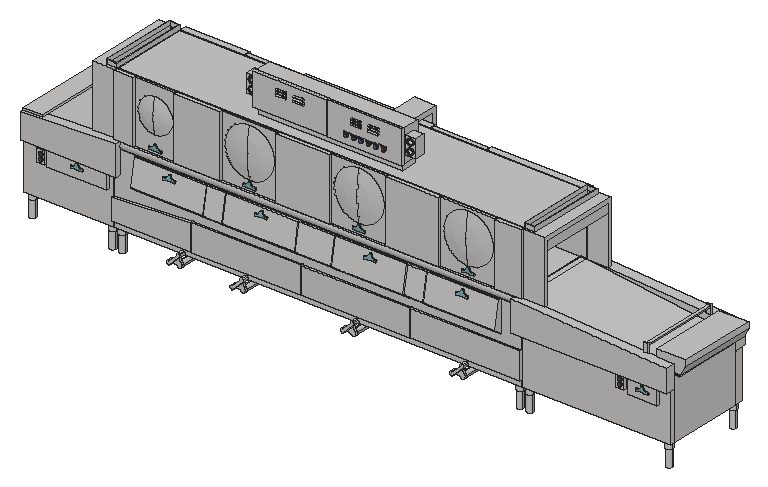
Revit family (continued)
Lines and regions (in)
  symbolic lines
    curve 98: line (191.22138, -6, 65.5) -> (191.22138, -37.25, 65.5)
    curve 99: line (202.72138, -6, 65.5) -> (151.72138, -6, 65.5)
    curve 104: line (205.22138, -6, 65.5) -> (205.22138, -37.25, 65.5)
    curve 105: line (202.72138, -6, 65.5) -> (205.22138, -6, 65.5)
    curve 106: line (205.22138, -37.25, 65.5) -> (202.72138, -37.25, 65.5)
    curve 107: line (-57.40362, -6, 65.5) -> (-59.90362, -6, 65.5)
    curve 108: line (-59.90362, -6, 65.5) -> (-59.90362, -37.25, 65.5)
    curve 109: line (-59.90362, -37.25, 65.5) -> (-57.40362, -37.25, 65.5)
    curve 113: line (77.22138, -3, 65.5) -> (202.72138, -3, 65.5)
    curve 152: line (105.34638, -39, 65.5) -> (105.34638, -42, 65.5)
    curve 153: line (105.34638, -42, 65.5) -> (97.84638, -42, 65.5)
    curve 154: line (97.84638, -42, 65.5) -> (97.84638, -39, 65.5)
    curve 155: line (134.59638, -39, 65.5) -> (134.59638, -42, 65.5)
    curve 156: line (134.59638, -42, 65.5) -> (105.59638, -42, 65.5)
    curve 157: line (105.59638, -42, 65.5) -> (105.59638, -39, 65.5)
    curve 158: line (79.47138, -3, 65.5) -> (79.47138, -4, 65.5)
    curve 159: line (79.47138, -4, 65.5) -> (101.97138, -4, 65.5)
    curve 160: line (101.97138, -4, 65.5) -> (101.97138, -3, 65.5)
  symbolic lines, visible <- "Standard Doors"
    curve 53: line (21.47138, -39, 65.5) -> (21.47138, -38.25, 65.5)
    curve 54: line (21.47138, -38.25, 65.5) -> (43.97138, -38.25, 65.5)
    curve 55: line (43.97138, -38.25, 65.5) -> (43.97138, -39, 65.5)
    curve 114: line (65.47138, -39, 65.5) -> (65.47138, -38.25, 65.5)
    curve 115: line (65.47138, -38.25, 65.5) -> (87.97138, -38.25, 65.5)
    curve 116: line (87.97138, -38.25, 65.5) -> (87.97138, -39, 65.5)
    curve 133: line (109.47138, -39, 65.5) -> (109.47138, -38.25, 65.5)
    curve 134: line (109.47138, -38.25, 65.5) -> (131.97138, -38.25, 65.5)
    curve 135: line (131.97138, -38.25, 65.5) -> (131.97138, -39, 65.5)
  symbolic lines, visible <- "Swing Doors"
    curve 69: line (1.65888, -39, 65.5) -> (1.65888, -40.125, 65.5)
    curve 70: line (0.90888, -39, 65.5) -> (0.90888, -40.125, 65.5)
    curve 71: arc (0.90888, -40.125, 65.5) -> (1.28388, -40.5, 65.5) -> (1.65888, -40.125, 65.5) r 0.375
    curve 72: line (31.65888, -39, 65.5) -> (31.65888, -40.125, 65.5)
    curve 73: line (30.90888, -39, 65.5) -> (30.90888, -40.125, 65.5)
    curve 74: arc (30.90888, -40.125, 65.5) -> (31.28388, -40.5, 65.5) -> (31.65888, -40.125, 65.5) r 0.375
    curve 75: line (33.78388, -39, 65.5) -> (33.78388, -40.125, 65.5)
    curve 76: line (34.53388, -39, 65.5) -> (34.53388, -40.125, 65.5)
    curve 77: arc (34.53388, -40.125, 65.5) -> (34.15888, -40.5, 65.5) -> (33.78388, -40.125, 65.5) r 0.375
    curve 81: line (32.65888, -38.25, 65.5) -> (32.65888, -39, 65.5)
    curve 82: line (32.78388, -38.25, 65.5) -> (32.78388, -39, 65.5)
    curve 83: line (32.65888, -38.25, 65.5) -> (21.47138, -38.25, 65.5)
    curve 84: line (21.47138, -39, 65.5) -> (21.47138, -38.25, 65.5)
    curve 85: line (32.78388, -38.25, 65.5) -> (43.97138, -38.25, 65.5)
    curve 86: line (43.97138, -38.25, 65.5) -> (43.97138, -39, 65.5)
    curve 117: line (74.90888, -39, 65.5) -> (74.90888, -40.125, 65.5)
    curve 118: line (75.65888, -39, 65.5) -> (75.65888, -40.125, 65.5)
    curve 119: arc (75.65888, -40.125, 65.5) -> (75.28388, -40.5, 65.5) -> (74.90888, -40.125, 65.5) r 0.375
    curve 120: line (77.78388, -39, 65.5) -> (77.78388, -40.125, 65.5)
    curve 121: line (78.53388, -39, 65.5) -> (78.53388, -40.125, 65.5)
    curve 122: arc (78.53388, -40.125, 65.5) -> (78.15888, -40.5, 65.5) -> (77.78388, -40.125, 65.5) r 0.375
    curve 123: line (65.47138, -39, 65.5) -> (65.47138, -38.25, 65.5)
    curve 124: line (65.47138, -38.25, 65.5) -> (76.65888, -38.25, 65.5)
    curve 125: line (76.65888, -38.25, 65.5) -> (76.65888, -39, 65.5)
    curve 126: line (76.78388, -39, 65.5) -> (76.78388, -38.25, 65.5)
    curve 127: line (76.78388, -38.25, 65.5) -> (87.97138, -38.25, 65.5)
    curve 128: line (87.97138, -38.25, 65.5) -> (87.97138, -39, 65.5)
    curve 136: line (118.90888, -39, 65.5) -> (118.90888, -40.125, 65.5)
    curve 137: line (119.65888, -39, 65.5) -> (119.65888, -40.125, 65.5)
    curve 138: arc (119.65888, -40.125, 65.5) -> (119.28388, -40.5, 65.5) -> (118.90888, -40.125, 65.5) r 0.375
    curve 139: line (121.78388, -39, 65.5) -> (121.78388, -40.125, 65.5)
    curve 140: line (122.53388, -39, 65.5) -> (122.53388, -40.125, 65.5)
    curve 141: arc (122.53388, -40.125, 65.5) -> (122.15888, -40.5, 65.5) -> (121.78388, -40.125, 65.5) r 0.375
    curve 142: line (109.47138, -39, 65.5) -> (109.47138, -38.25, 65.5)
    curve 143: line (109.47138, -38.25, 65.5) -> (120.65888, -38.25, 65.5)
    curve 144: line (120.65888, -38.25, 65.5) -> (120.65888, -39, 65.5)
    curve 145: line (120.78388, -39, 65.5) -> (120.78388, -38.25, 65.5)
    curve 146: line (120.78388, -38.25, 65.5) -> (131.97138, -38.25, 65.5)
    curve 147: line (131.97138, -38.25, 65.5) -> (131.97138, -39, 65.5)
  symbolic lines, style "QF_Clearances", visible <- "Swing Doors", detail levels coarse
    curve 78: line (-13.52862, -55.25, 65.5) -> (-13.52862, -39, 65.5)
    curve 79: arc (-13.52862, -55.25, 65.5) -> (-2.03814, -50.49049, 65.5) -> (2.72138, -39, 65.5) r 16.25
    curve 80: line (21.47138, -39, 65.5) -> (21.47138, -50.1875, 65.5)
    curve 87: arc (21.47138, -50.1875, 65.5) -> (29.38213, -46.91076, 65.5) -> (32.65888, -39, 65.5) r 11.1875
    curve 88: line (43.97138, -39, 65.5) -> (43.97138, -50.1875, 65.5)
    curve 89: arc (43.97138, -50.1875, 65.5) -> (36.06062, -46.91076, 65.5) -> (32.78388, -39, 65.5) r 11.1875
    curve 129: line (65.47138, -50.1875, 65.5) -> (65.47138, -39, 65.5)
    curve 130: arc (65.47138, -50.1875, 65.5) -> (73.38213, -46.91076, 65.5) -> (76.65888, -39, 65.5) r 11.1875
    curve 131: line (87.97138, -50.1875, 65.5) -> (87.97138, -39, 65.5)
    curve 132: arc (87.97138, -50.1875, 65.5) -> (80.06062, -46.91076, 65.5) -> (76.78388, -39, 65.5) r 11.1875
    curve 148: line (109.47138, -50.1875, 65.5) -> (109.47138, -39, 65.5)
    curve 149: arc (109.47138, -50.1875, 65.5) -> (117.38213, -46.91076, 65.5) -> (120.65888, -39, 65.5) r 11.1875
    curve 150: line (131.97138, -50.1875, 65.5) -> (131.97138, -39, 65.5)
    curve 151: arc (131.97138, -50.1875, 65.5) -> (124.06062, -46.91076, 65.5) -> (120.78388, -39, 65.5) r 11.1875
  symbolic lines, visible <- "Unload Removable Cover"
    curve 100: line (202.72138, -6, 65.5) -> (207.72138, -6, 65.5)
    curve 101: line (207.72138, -6, 65.5) -> (207.72138, -37.25, 65.5)
    curve 102: line (207.72138, -37.25, 65.5) -> (202.72138, -37.25, 65.5)
    curve 103: line (195.72138, -37.25, 65.5) -> (195.72138, -6, 65.5)
  symbolic lines, style "QF_Surface Details"
    curve 110: line (42.70902, -13.95855, 52.4375) -> (71.70902, -13.95855, 52.4375)
    curve 111: line (71.70902, -13.95855, 52.4375) -> (64.81537, -12.74302, 52.4375)
    curve 112: line (71.70902, -13.95855, 52.4375) -> (64.81537, -15.17409, 52.4375)
  symbolic lines, style "SpecialityEquipment"
    curve 161: line (68.72138, -26, 65.5) -> (68.72138, 0, 65.5)
    curve 162: line (68.72138, 0, 65.5) -> (77.22138, 0, 65.5)
    curve 163: line (77.22138, 0, 65.5) -> (77.22138, -26, 65.5)
Dimensions and locks (in)
  "Depth": plane 5 "FRONT" to plane 1 "BACK"
  "Power Scrapper Width": plane 3 "LEFT" to plane 6 "Right of Power Scrapper"
  "Power Wash Width": plane 6 "Right of Power Scrapper" to plane 7 "Right of Power Wash"
  locked: plane 8 "Load Vent" to plane 3 "LEFT" at 9
  locked: plane 4 "RIGHT" to plane 9 "Unload Vent" at 9
  locked: plane 10 "Top of Machine" to level at 65.5
  locked: plane 11 "Table Height" to level at 34
  locked: plane 13 "Middle of Machine" to level at 40.625
  locked: plane 3 "LEFT" to plane 14 "Left of Bottom" at 2.5
  locked: plane 15 "Right of Bottom" to plane 4 "RIGHT" at 2.5
  locked: plane 12 "Bottom of Machine" to level at 9
  locked: plane 16 to plane 17 at 0.375
  locked: plane 17 to plane 18 at 13.25
  locked: plane 13 "Middle of Machine" to plane 16 at 2.5
  locked: plane 18 to plane 19 at 2.25
  locked: plane 19 to plane 20 at 10.75
  locked: plane 21 "Back of Main Body" to plane 1 "BACK" at 3
  locked: plane 5 "FRONT" to plane 22 "Front of Main Body" at 3
  equal spacing: plane 3 "LEFT", plane 23, plane 6 "Right of Power Scrapper"
  equal spacing: plane 6 "Right of Power Scrapper", plane 24, plane 7 "Right of Power Wash"
  "Power Scrapper Door": plane 26 to plane 27
  equal spacing: plane 28, plane 24, plane 29
  "Power Wash Door": plane 28 to plane 29
  locked: plane 22 "Front of Main Body" to plane 30 "Front of Inside" at 1.75
  locked: plane 31 "Back of Inside" to plane 21 "Back of Main Body" at 3
  locked: plane 3 "LEFT" to plane 26 at 7.75
  locked: plane 32 to plane 33 at 22.5
  locked: plane 14 "Left of Bottom" to plane 34 at 6.5
  locked: plane 34 to plane 35 at 29
  locked: plane 35 to plane 36 at 8
  locked: plane 36 to plane 37 at 29
  locked: plane 35 to plane 38 at 0.25
  locked: plane 39 to plane 36 at 0.25
  locked: plane 37 to plane 40 at 0.25
  plane 43 to plane 7 "Right of Power Wash" to plane 44 = 0' - 0 1/8" locked, 0' - 0 1/8" locked
  plane 41 to plane 6 "Right of Power Scrapper" to plane 42 = 0' - 0 1/8" locked, 0' - 0 1/8" locked
  locked: plane 10 "Top of Machine" to plane 45 at 5.25
  locked: plane 46 to plane 10 "Top of Machine" at 1.75
  locked: plane 48 to plane 47 at 4
  locked: plane 47 to plane 3 "LEFT" at 0.125
  locked: plane 50 to plane 49 at 4
  locked: plane 4 "RIGHT" to plane 50 at 0.125
  "Load Section Width": plane 51 to plane 3 "LEFT"
  locked: plane 33 to Extrusion 34 sketch curve at 11.24965
  locked: plane 52 to plane 51 at 2.5
  locked: plane 53 to plane 51 at 1
  plane 51 to plane 54 = 0' - 8"
  locked: plane 13 "Middle of Machine" to plane 55 at 12.125
  locked: plane 55 to plane 56 at 0.5
  locked: plane 56 to plane 57 at 6
  locked: plane 58 to plane 59 at 24
  "ONOFF Switch": plane 51 to plane 61
  locked: plane 61 to plane 60 at 3
  locked: Extrusion 54 sketch curve to plane 61 at 1.5
  locked: Extrusion 55 sketch curve to plane 61 at 1.5
  locked: Extrusion 52 sketch curve to plane 58 at 9.50172
  locked: plane 59 to Extrusion 52 sketch curve at 9.50242
  locked: plane 59 to plane 3 "LEFT" at 2.125
  "Unload Section Width": plane 4 "RIGHT" to plane 62
  locked: plane 62 to plane 63 at 1
  locked: plane 62 to plane 64 at 2.5
  locked: plane 62 to plane 65 at 5
  locked: plane 66 to plane 65 at 12
  locked: plane 67 to plane 62 at 11
  Extrusion 64 sketch curve to plane 67 to Extrusion 64 sketch curve = 0' - 0 3/4" locked, 0' - 0 3/4" locked
  Extrusion 65 sketch curve to plane 67 to Extrusion 65 sketch curve = 0' - 0 3/4" locked, 0' - 0 3/4" locked
  locked: plane 69 to plane 68 at 12
  locked: plane 68 to plane 62 at 4.5
  locked: Extrusion 68 sketch curve to plane 69 at 3.50172
  locked: plane 68 to Extrusion 68 sketch curve at 3.50242
  locked: plane 70 to plane 69 at 1.5
  locked: plane 71 to plane 70 at 3
  locked: plane 56 to Extrusion 69 sketch curve at 5
  locked: Extrusion 70 sketch curve to plane 71 at 1.5
  locked: Extrusion 71 sketch curve to plane 71 at 1.5
  plane 22 "Front of Main Body" to plane 21 "Back of Main Body" = 3' - 0"
  locked: Extrusion 72 sketch curve to plane 21 "Back of Main Body" at 1.9375
  locked: plane 51 to Extrusion 72 sketch curve at 1.9375
  locked: plane 51 to Extrusion 73 sketch curve at 1.9375
  locked: Extrusion 73 sketch curve to plane 21 "Back of Main Body" at 1.9375
  locked: plane 51 to Extrusion 74 sketch curve at 1.9375
  locked: plane 22 "Front of Main Body" to Extrusion 74 sketch curve at 1.9375
  locked: plane 51 to Extrusion 75 sketch curve at 1.9375
  locked: plane 22 "Front of Main Body" to Extrusion 75 sketch curve at 1.9375
  locked: Extrusion 76 sketch curve to plane 3 "LEFT" at 1.9375
  locked: Extrusion 76 sketch curve to plane 21 "Back of Main Body" at 1.9375
  locked: Extrusion 77 sketch curve to plane 3 "LEFT" at 1.9375
  locked: Extrusion 77 sketch curve to plane 21 "Back of Main Body" at 1.9375
  locked: Extrusion 78 sketch curve to plane 3 "LEFT" at 1.9375
  locked: plane 22 "Front of Main Body" to Extrusion 78 sketch curve at 1.9375
  locked: Extrusion 79 sketch curve to plane 3 "LEFT" at 1.9375
  locked: plane 22 "Front of Main Body" to Extrusion 79 sketch curve at 1.9375
  locked: plane 3 "LEFT" to Extrusion 82 sketch curve at 1.9375
  locked: plane 22 "Front of Main Body" to Extrusion 82 sketch curve at 1.9375
  locked: plane 22 "Front of Main Body" to Extrusion 83 sketch curve at 1.9375
  locked: plane 3 "LEFT" to Extrusion 83 sketch curve at 1.9375
  locked: plane 3 "LEFT" to Extrusion 81 sketch curve at 1.9375
  locked: Extrusion 81 sketch curve to plane 21 "Back of Main Body" at 1.9375
  locked: plane 3 "LEFT" to Extrusion 80 sketch curve at 1.9375
  locked: Extrusion 80 sketch curve to plane 21 "Back of Main Body" at 1.9375
  locked: Extrusion 84 sketch curve to plane 4 "RIGHT" at 1.9375
  locked: Extrusion 84 sketch curve to plane 21 "Back of Main Body" at 1.9375
  locked: Extrusion 85 sketch curve to plane 4 "RIGHT" at 1.9375
  locked: Extrusion 85 sketch curve to plane 21 "Back of Main Body" at 1.9375
  locked: plane 4 "RIGHT" to Extrusion 89 sketch curve at 1.9375
  locked: Extrusion 89 sketch curve to plane 21 "Back of Main Body" at 1.9375
  locked: plane 4 "RIGHT" to Extrusion 88 sketch curve at 1.9375
  locked: Extrusion 88 sketch curve to plane 21 "Back of Main Body" at 1.9375
  locked: Extrusion 86 sketch curve to plane 4 "RIGHT" at 1.9375
  locked: plane 22 "Front of Main Body" to Extrusion 86 sketch curve at 1.9375
  locked: plane 22 "Front of Main Body" to Extrusion 87 sketch curve at 1.9375
  locked: Extrusion 87 sketch curve to plane 4 "RIGHT" at 1.9375
  locked: plane 4 "RIGHT" to Extrusion 90 sketch curve at 1.9375
  locked: plane 22 "Front of Main Body" to Extrusion 90 sketch curve at 1.9375
  locked: plane 4 "RIGHT" to Extrusion 91 sketch curve at 1.9375
  locked: plane 22 "Front of Main Body" to Extrusion 91 sketch curve at 1.9375
  locked: Extrusion 92 sketch curve to plane 62 at 1.9375
  locked: Extrusion 92 sketch curve to plane 21 "Back of Main Body" at 1.9375
  locked: Extrusion 93 sketch curve to plane 62 at 1.9375
  locked: Extrusion 93 sketch curve to plane 21 "Back of Main Body" at 1.9375
  locked: plane 22 "Front of Main Body" to Extrusion 95 sketch curve at 1.9375
  locked: Extrusion 95 sketch curve to plane 62 at 1.9375
  locked: Extrusion 94 sketch curve to plane 62 at 1.9375
  locked: plane 22 "Front of Main Body" to Extrusion 94 sketch curve at 1.9375
  locked: plane 22 "Front of Main Body" to plane 72 at 6.5
  locked: plane 72 to plane 73 at 6
  plane 3 "LEFT" to plane 74 = 4' - 5"
  locked: plane 74 to plane 75 at 58
  locked: plane 76 to plane 10 "Top of Machine" at 3
  locked: plane 77 to plane 76 at 2.875
  locked: plane 78 to plane 77 at 7.25
  locked: plane 79 to plane 76 at 13
  equal spacing: plane 74, plane 80, plane 75
  plane 81 to plane 80 to plane 82 = 0' - 0 1/8" locked, 0' - 0 1/8" locked
  locked: plane 83 to plane 74 at 1
  locked: plane 75 to plane 84 at 1
  locked: plane 84 to plane 85 at 4
  locked: plane 86 to plane 83 at 4
  locked: plane 73 to plane 87 "Back of Elec Box" at 0.5
  locked: plane 88 to plane 72 at 0.5
  locked: plane 76 to plane 90 at 0.25
  locked: plane 79 to plane 91 at 0.25
  locked: plane 83 to plane 92 at 0.25
  locked: plane 93 "Right of Control Box" to plane 84 at 0.25
  locked: plane 88 to plane 94 "Front of LR Panels" at 0.75
  locked: plane 94 "Front of LR Panels" to plane 95 at 4
  locked: plane 96 "Drain" to level at 7
  locked: plane 51 to plane 97 "Left Drain" at 17.5
  locked: plane 98 "Right Drain" to plane 62 at 7
  locked: plane 99 "Drain CL" to plane 21 "Back of Main Body" at 17.25
  locked: plane 100 "Utilities" to level at 6
  locked: plane 101 "Cold Water" to plane 3 "LEFT" at 10
  locked: plane 102 "Utility to Machine" to plane 21 "Back of Main Body" at 13.75
  locked: plane 102 "Utility to Machine" to plane 103 "Utilities Point of Connection" at 8.25
  locked: plane 4 "RIGHT" to plane 104 "Building Hot Water" at 36
  locked: Extrusion 135 sketch curve to plane 83 at 2
  locked: Extrusion 135 sketch curve to plane 10 "Top of Machine" at 13
  locked: Extrusion 138 to Extrusion 144 sketch curve at 1
  locked: Extrusion 177 to Extrusion 183 sketch curve at 1
  locked: plane 26 to plane 105 at 0.25
  locked: plane 106 to plane 27 at 0.125
  locked: plane 107 to plane 27 at 1.4375
  locked: plane 28 to plane 108 at 0.25
  locked: plane 109 to plane 24 at 0.0625
  locked: plane 24 to plane 110 at 0.0625
  locked: plane 113 to plane 24 at 1.4375
  locked: plane 24 to plane 112 at 1.4375
  locked: plane 111 to plane 29 at 0.25
  locked: plane 114 "Standard Door Clearance" to plane 10 "Top of Machine" at 28
  plane 4 "RIGHT" to plane 115 = 2' - 0"
  locked: plane 115 to nested 5
  locked: plane 4 "RIGHT" to nested 4 at 12
  locked: Extrusion 199 sketch curve to plane 4 "RIGHT" at 12
  locked: Extrusion 199 sketch curve to level at 11
  "Final Rinse Width": plane 7 "Right of Power Wash" to plane 25
  "Final Rinse 2 Width": plane 25 to plane 4 "RIGHT"
  equal spacing: plane 7 "Right of Power Wash", plane 116, plane 25
  equal spacing: plane 25, plane 117, plane 4 "RIGHT"
  "Power Rinse Door": plane 118 to plane 119
  locked: plane 118 to plane 120 at 0.25
  locked: plane 123 to plane 119 at 0.25
  equal spacing: plane 118, plane 116, plane 119
  locked: plane 121 to plane 116 at 0.0625
  locked: plane 116 to plane 122 at 0.0625
  locked: plane 116 to plane 124 at 1.4375
  locked: plane 125 to plane 116 at 1.4375
  locked: plane 126 to plane 25 at 0.125
  locked: plane 25 to plane 127 at 0.125
  "Power Rinse Door": plane 128 to plane 129
  locked: plane 128 to plane 130 at 0.25
  locked: plane 133 to plane 129 at 0.25
  equal spacing: plane 128, plane 117, plane 129
  locked: plane 131 to plane 117 at 0.0625
  locked: plane 117 to plane 132 at 0.0625
  locked: plane 117 to plane 134 at 1.4375
  locked: plane 135 to plane 117 at 1.4375
  locked: plane 37 to plane 136 at 14.875
  locked: plane 137 to plane 136 at 0.25
  locked: plane 136 to plane 138 at 29
  locked: plane 138 to plane 139 at 0.25
  locked: plane 138 to plane 140 at 8
  locked: plane 141 to plane 140 at 0.25
  locked: plane 140 to plane 142 at 29
  locked: plane 145 to plane 146 at 22.5
  locked: plane 146 to Extrusion 238 sketch curve at 11.24965
  aligned and locked: level to plane 2
  aligned and locked: plane 12 "Bottom of Machine" to Extrusion 1 sketch curve
  aligned and locked: plane 3 "LEFT" to Extrusion 1 sketch curve
  aligned and locked: plane 14 "Left of Bottom" to Extrusion 1 sketch curve
  aligned and locked: Extrusion 1 sketch curve to plane 15 "Right of Bottom"
  aligned and locked: Extrusion 1 sketch curve to plane 4 "RIGHT"
  aligned and locked: Extrusion 1 to plane 21 "Back of Main Body"
  aligned and locked: Extrusion 1 sketch curve to plane 16
  aligned and locked: Extrusion 2 sketch curve to plane 13 "Middle of Machine"
  aligned and locked: plane 16 to Extrusion 2 sketch curve
  aligned and locked: plane 21 "Back of Main Body" to Extrusion 2 sketch curve
  aligned and locked: Extrusion 2 to plane 14 "Left of Bottom"
  aligned and locked: plane 3 "LEFT" to Extrusion 3 sketch curve
  aligned and locked: Extrusion 3 sketch curve to plane 22 "Front of Main Body"
  aligned and locked: Extrusion 3 sketch curve to plane 26
  aligned and locked: plane 30 "Front of Inside" to Extrusion 3 sketch curve
  aligned and locked: Extrusion 3 to plane 13 "Middle of Machine"
  aligned and locked: plane 30 "Front of Inside" to Extrusion 4 sketch curve
  aligned and locked: Extrusion 4 sketch curve to plane 28
  aligned and locked: plane 27 to Extrusion 4 sketch curve
  aligned and locked: Extrusion 4 sketch curve to plane 22 "Front of Main Body"
  aligned and locked: Extrusion 4 to plane 13 "Middle of Machine"
  aligned and locked: plane 30 "Front of Inside" to Extrusion 5 sketch curve
  aligned and locked: Extrusion 5 sketch curve to plane 22 "Front of Main Body"
  aligned and locked: plane 29 to Extrusion 5 sketch curve
  aligned and locked: Extrusion 6 sketch curve to plane 4 "RIGHT"
  aligned and locked: plane 30 "Front of Inside" to Extrusion 6 sketch curve
  aligned and locked: Extrusion 6 sketch curve to plane 22 "Front of Main Body"
  aligned and locked: Extrusion 5 to plane 13 "Middle of Machine"
  aligned and locked: Extrusion 6 to plane 13 "Middle of Machine"
  aligned and locked: plane 3 "LEFT" to Extrusion 7 sketch curve
  aligned and locked: Extrusion 7 sketch curve to plane 32
  aligned and locked: plane 21 "Back of Main Body" to Extrusion 7 sketch curve
  aligned and locked: Extrusion 7 sketch curve to plane 31 "Back of Inside"
  aligned and locked: Extrusion 8 sketch curve to plane 4 "RIGHT"
  aligned and locked: plane 21 "Back of Main Body" to Extrusion 8 sketch curve
  aligned and locked: Extrusion 8 sketch curve to plane 31 "Back of Inside"
  aligned and locked: Extrusion 7 to plane 13 "Middle of Machine"
  aligned and locked: Extrusion 8 to plane 13 "Middle of Machine"
  aligned and locked: plane 30 "Front of Inside" to Extrusion 9 sketch curve
  aligned and locked: Extrusion 9 sketch curve to plane 27
  aligned and locked: plane 26 to Extrusion 9 sketch curve
  aligned and locked: plane 30 "Front of Inside" to Extrusion 10 sketch curve
  aligned and locked: plane 28 to Extrusion 10 sketch curve
  aligned and locked: Extrusion 10 sketch curve to plane 29
  aligned and locked: Extrusion 9 to plane 13 "Middle of Machine"
  aligned and locked: Extrusion 10 to plane 13 "Middle of Machine"
  aligned and locked: plane 32 to Extrusion 11 sketch curve
  aligned and locked: Extrusion 11 sketch curve to plane 33
  aligned and locked: Extrusion 11 sketch curve to plane 31 "Back of Inside"
  aligned and locked: Extrusion 11 to plane 13 "Middle of Machine"
  aligned and locked: plane 35 to Extrusion 16
  aligned and locked: Extrusion 16 to plane 34
  aligned and locked: Extrusion 17 to plane 38
  aligned and locked: plane 39 to Extrusion 17
  aligned and locked: Extrusion 18 to plane 36
  aligned and locked: plane 37 to Extrusion 18
  aligned and locked: Extrusion 19 to plane 40
  aligned and locked: plane 3 "LEFT" to Extrusion 21 sketch curve
  aligned and locked: plane 20 to Extrusion 21 sketch curve
  aligned and locked: Extrusion 21 sketch curve to plane 41
  aligned and locked: Extrusion 22 sketch curve to plane 43
  aligned and locked: Extrusion 22 sketch curve to plane 19
  aligned and locked: plane 42 to Extrusion 22 sketch curve
  aligned and locked: plane 20 to Extrusion 22 sketch curve
  aligned and locked: Extrusion 23 sketch curve to plane 19
  aligned and locked: plane 20 to Extrusion 23 sketch curve
  aligned and locked: plane 44 to Extrusion 23 sketch curve
  aligned and locked: plane 31 "Back of Inside" to Extrusion 24 sketch curve
  aligned and locked: plane 3 "LEFT" to Extrusion 24 sketch curve
  aligned and locked: Extrusion 24 sketch curve to plane 30 "Front of Inside"
  aligned and locked: Extrusion 24 sketch curve to plane 4 "RIGHT"
  aligned and locked: Extrusion 24 to plane 45
  aligned and locked: plane 13 "Middle of Machine" to Extrusion 25 sketch curve  (x2)
  aligned and locked: Extrusion 25 sketch curve to plane 10 "Top of Machine"
  aligned and locked: Extrusion 25 to plane 8 "Load Vent"
  aligned and locked: plane 48 to Extrusion 26 sketch curve
  aligned and locked: Extrusion 26 sketch curve to plane 47
  aligned and locked: plane 46 to Extrusion 26
  aligned and locked: Extrusion 27 sketch curve to Extrusion 25
  aligned and locked: Extrusion 27 sketch curve to plane 45
  aligned and locked: Extrusion 28 sketch curve to Extrusion 26
  aligned and locked: Extrusion 26 to Extrusion 28 sketch curve
  aligned and locked: Extrusion 29 to Extrusion 31 sketch curve
  aligned and locked: plane 9 "Unload Vent" to Extrusion 29
  aligned and locked: plane 49 to Extrusion 30 sketch curve
  aligned and locked: Extrusion 30 sketch curve to plane 50
  aligned and locked: plane 46 to Extrusion 30
  aligned and locked: plane 45 to Extrusion 31 sketch curve
  aligned and locked: Extrusion 30 to Extrusion 32 sketch curve
  aligned and locked: Extrusion 32 sketch curve to Extrusion 30
  aligned and locked: plane 15 "Right of Bottom" to Extrusion 2
  aligned and locked: plane 51 to Extrusion 42 sketch curve
  aligned and locked: Extrusion 42 sketch curve to plane 14 "Left of Bottom"
  aligned and locked: plane 51 to Extrusion 43 sketch curve
  aligned and locked: Extrusion 43 sketch curve to plane 14 "Left of Bottom"
  aligned and locked: Extrusion 44 sketch curve to plane 52
  aligned and locked: plane 11 "Table Height" to Extrusion 44 sketch curve
  aligned and locked: plane 51 to Extrusion 44 sketch curve
  aligned and locked: plane 30 "Front of Inside" to Extrusion 44
  aligned and locked: Extrusion 45 sketch curve to plane 53
  aligned and locked: plane 51 to Extrusion 45 sketch curve
  aligned and locked: Extrusion 46 sketch curve to plane 53
  aligned and locked: plane 51 to Extrusion 46 sketch curve
  aligned and locked: plane 51 to Extrusion 47 sketch curve
  aligned and locked: Extrusion 47 sketch curve to plane 14 "Left of Bottom"
  aligned and locked: Extrusion 47 sketch curve to plane 13 "Middle of Machine"
  aligned and locked: Extrusion 47 sketch curve to plane 12 "Bottom of Machine"
  aligned and locked: plane 3 "LEFT" to Extrusion 47 sketch curve
  aligned and locked: plane 51 to Extrusion 48 sketch curve
  aligned and locked: plane 54 to Extrusion 48 sketch curve
  aligned and locked: plane 51 to Extrusion 49 sketch curve
  aligned and locked: plane 12 "Bottom of Machine" to Extrusion 49 sketch curve
  aligned and locked: Extrusion 49 sketch curve to plane 3 "LEFT"
  aligned and locked: plane 22 "Front of Main Body" to Extrusion 49
  aligned and locked: plane 30 "Front of Inside" to Extrusion 47
  aligned and locked: plane 51 to Extrusion 50 sketch curve
  aligned and locked: plane 12 "Bottom of Machine" to Extrusion 50 sketch curve
  aligned and locked: Extrusion 50 sketch curve to plane 3 "LEFT"
  aligned and locked: Extrusion 50 to plane 21 "Back of Main Body"
  aligned and locked: plane 55 to Extrusion 42 sketch curve
  aligned and locked: plane 55 to Extrusion 43 sketch curve
  aligned and locked: Extrusion 49 sketch curve to plane 55
  aligned and locked: Extrusion 50 sketch curve to plane 55
  aligned and locked: Extrusion 51 to plane 22 "Front of Main Body"
  aligned and locked: plane 61 to Extrusion 53 sketch curve
  aligned and locked: Extrusion 53 sketch curve to plane 60
  aligned and locked: Extrusion 51 to plane 58
  aligned and locked: plane 59 to Extrusion 51
  aligned and locked: plane 13 "Middle of Machine" to Extrusion 60 sketch curve
  aligned and locked: Extrusion 60 sketch curve to plane 15 "Right of Bottom"
  aligned and locked: Extrusion 60 sketch curve to plane 55
  aligned and locked: plane 4 "RIGHT" to Extrusion 60 sketch curve
  aligned and locked: plane 12 "Bottom of Machine" to Extrusion 60 sketch curve
  aligned and locked: plane 62 to Extrusion 60 sketch curve
  aligned and locked: plane 62 to Extrusion 59 sketch curve
  aligned and locked: Extrusion 59 sketch curve to plane 63
  aligned and locked: Extrusion 58 sketch curve to plane 64
  aligned and locked: plane 62 to Extrusion 58 sketch curve
  aligned and locked: Extrusion 58 sketch curve to plane 11 "Table Height"
  aligned and locked: Extrusion 56 sketch curve to plane 15 "Right of Bottom"
  aligned and locked: Extrusion 56 sketch curve to plane 55
  aligned and locked: plane 62 to Extrusion 56 sketch curve
  aligned and locked: Extrusion 57 sketch curve to plane 15 "Right of Bottom"
  aligned and locked: Extrusion 57 sketch curve to plane 55
  aligned and locked: plane 62 to Extrusion 57 sketch curve
  aligned and locked: Extrusion 61 sketch curve to plane 4 "RIGHT"
  aligned and locked: plane 55 to Extrusion 61 sketch curve
  aligned and locked: Extrusion 61 sketch curve to plane 12 "Bottom of Machine"
  aligned and locked: plane 62 to Extrusion 61 sketch curve
  aligned and locked: Extrusion 62 sketch curve to plane 4 "RIGHT"
  aligned and locked: plane 55 to Extrusion 62 sketch curve
  aligned and locked: plane 62 to Extrusion 62 sketch curve
  aligned and locked: Extrusion 62 sketch curve to plane 12 "Bottom of Machine"
  aligned and locked: plane 13 "Middle of Machine" to Extrusion 63 sketch curve
  aligned and locked: Extrusion 63 sketch curve to plane 66
  aligned and locked: Extrusion 63 sketch curve to plane 65
  aligned and locked: plane 30 "Front of Inside" to Extrusion 63
  aligned and locked: plane 30 "Front of Inside" to Extrusion 66
  aligned and locked: Extrusion 67 sketch curve to plane 56
  aligned and locked: plane 57 to Extrusion 67 sketch curve
  aligned and locked: plane 69 to Extrusion 67 sketch curve
  aligned and locked: Extrusion 67 sketch curve to plane 68
  aligned and locked: plane 71 to Extrusion 69 sketch curve
  aligned and locked: Extrusion 69 sketch curve to plane 70
  aligned and locked: Extrusion 69 sketch curve to plane 56
  aligned and locked: Extrusion 73 to Extrusion 72
  aligned and locked: plane 12 "Bottom of Machine" to Extrusion 73
  aligned and locked: Extrusion 75 to Extrusion 74
  aligned and locked: Extrusion 77 to Extrusion 76
  aligned and locked: Extrusion 79 to Extrusion 78
  aligned and locked: Extrusion 80 to Extrusion 81
  aligned and locked: Extrusion 82 to Extrusion 83
  aligned and locked: Extrusion 85 to Extrusion 84
  aligned and locked: Extrusion 87 to Extrusion 86
  aligned and locked: Extrusion 88 to Extrusion 89
  aligned and locked: Extrusion 90 to Extrusion 91
  aligned and locked: Extrusion 93 to Extrusion 92
  aligned and locked: Extrusion 95 to Extrusion 94
  aligned and locked: plane 73 to Extrusion 96 sketch curve
  aligned and locked: Extrusion 96 sketch curve to plane 72
  aligned and locked: Extrusion 96 sketch curve to plane 75
  aligned and locked: plane 74 to Extrusion 96 sketch curve
  aligned and locked: plane 87 "Back of Elec Box" to Extrusion 97 sketch curve
  aligned and locked: Extrusion 97 sketch curve to plane 88
  aligned and locked: plane 92 to Extrusion 97 sketch curve
  aligned and locked: Extrusion 97 sketch curve to plane 93 "Right of Control Box"
  aligned and locked: Extrusion 97 to plane 76
  aligned and locked: plane 91 to Extrusion 97
  aligned and locked: plane 83 to Extrusion 98 sketch curve
  aligned and locked: Extrusion 98 sketch curve to plane 89 "Front of Panel"
  aligned and locked: Extrusion 98 sketch curve to plane 81
  aligned and locked: plane 82 to Extrusion 99 sketch curve
  aligned and locked: Extrusion 99 sketch curve to plane 89 "Front of Panel"
  aligned and locked: plane 88 to Extrusion 99 sketch curve
  aligned and locked: Extrusion 99 sketch curve to plane 84
  aligned and locked: Extrusion 99 to plane 90
  aligned and locked: Extrusion 98 to plane 90
  aligned and locked: plane 79 to Extrusion 98
  aligned and locked: plane 79 to Extrusion 99
  aligned and locked: plane 95 to Extrusion 100 sketch curve
  aligned and locked: Extrusion 100 sketch curve to plane 92
  aligned and locked: Extrusion 100 sketch curve to plane 94 "Front of LR Panels"
  aligned and locked: plane 86 to Extrusion 100 sketch curve
  aligned and locked: plane 93 "Right of Control Box" to Extrusion 101 sketch curve
  aligned and locked: Extrusion 101 sketch curve to plane 94 "Front of LR Panels"
  aligned and locked: Extrusion 101 sketch curve to plane 85
  aligned and locked: plane 95 to Extrusion 101 sketch curve
  aligned and locked: plane 78 to Extrusion 100
  aligned and locked: plane 78 to Extrusion 101
  aligned and locked: Extrusion 100 to plane 77
  aligned and locked: Extrusion 101 to plane 77
  aligned and locked: Extrusion 103 sketch curve to Extrusion 102  (x2)
  aligned and locked: Extrusion 111 sketch curve to Extrusion 110  (x2)
  aligned and locked: Extrusion 113 sketch curve to Extrusion 112  (x2)
  aligned and locked: Extrusion 115 sketch curve to Extrusion 114  (x2)
  aligned and locked: Extrusion 130 to plane 97 "Left Drain"
  aligned and locked: plane 98 "Right Drain" to Extrusion 130
  aligned and locked: Extrusion 131 sketch curve to Extrusion 130  (x2)
  aligned and locked: Extrusion 132 sketch curve to Extrusion 130  (x2)
  aligned and locked: plane 50 to nested 1
  aligned and locked: plane 31 "Back of Inside" to nested 1
  aligned and locked: Extrusion 148 sketch curve to Extrusion 147  (x2)
  aligned and locked: Extrusion 156 sketch curve to Extrusion 155  (x2)
  aligned and locked: Extrusion 158 sketch curve to Extrusion 157  (x2)
  aligned and locked: Extrusion 160 sketch curve to Extrusion 159  (x2)
  aligned and locked: plane 105 to Extrusion 184 sketch curve
  aligned and locked: Extrusion 184 sketch curve to plane 106
  aligned and locked: Extrusion 184 sketch curve to plane 22 "Front of Main Body"
  aligned and locked: plane 108 to Extrusion 185 sketch curve
  aligned and locked: Extrusion 185 sketch curve to plane 109
  aligned and locked: Extrusion 185 sketch curve to plane 22 "Front of Main Body"
  aligned and locked: plane 110 to Extrusion 186 sketch curve
  aligned and locked: Extrusion 186 sketch curve to plane 111
  aligned and locked: Extrusion 186 sketch curve to plane 22 "Front of Main Body"
  aligned and locked: Extrusion 184 to plane 13 "Middle of Machine"
  aligned and locked: Extrusion 185 to plane 13 "Middle of Machine"
  aligned and locked: Extrusion 186 to plane 13 "Middle of Machine"
  aligned and locked: plane 26 to curve 78
  aligned and locked: curve 80 to plane 28
  aligned and locked: curve 88 to plane 29
  aligned and locked: plane 26 to Extrusion 196 sketch curve
  aligned and locked: Extrusion 196 sketch curve to plane 27
  aligned and locked: Extrusion 196 sketch curve to plane 22 "Front of Main Body"
  aligned and locked: plane 28 to Extrusion 197 sketch curve
  aligned and locked: Extrusion 197 sketch curve to plane 29
  aligned and locked: Extrusion 197 sketch curve to plane 22 "Front of Main Body"
  aligned and locked: plane 118 to Extrusion 200 sketch curve
  aligned and locked: Extrusion 200 sketch curve to plane 119
  aligned and locked: plane 120 to Extrusion 203 sketch curve
  aligned and locked: Extrusion 203 sketch curve to plane 121
  aligned and locked: plane 122 to Extrusion 204 sketch curve
  aligned and locked: Extrusion 204 sketch curve to plane 123
  aligned and locked: plane 118 to curve 129
  aligned and locked: plane 119 to curve 131
  aligned and locked: plane 118 to Extrusion 211 sketch curve
  aligned and locked: Extrusion 211 sketch curve to plane 119
  aligned and locked: Extrusion 5 sketch curve to plane 118
  aligned and locked: Extrusion 23 sketch curve to plane 126
  aligned and locked: plane 127 to Extrusion 212 sketch curve
  aligned and locked: Extrusion 212 sketch curve to plane 4 "RIGHT"
  aligned and locked: plane 128 to Extrusion 213 sketch curve
  aligned and locked: Extrusion 213 sketch curve to plane 129
  aligned and locked: plane 130 to Extrusion 216 sketch curve
  aligned and locked: Extrusion 216 sketch curve to plane 131
  aligned and locked: plane 132 to Extrusion 217 sketch curve
  aligned and locked: Extrusion 217 sketch curve to plane 133
  aligned and locked: plane 128 to curve 148
  aligned and locked: plane 129 to curve 150
  aligned and locked: plane 128 to Extrusion 224 sketch curve
  aligned and locked: Extrusion 224 sketch curve to plane 129
  aligned and locked: plane 129 to Extrusion 6 sketch curve
  aligned and locked: plane 119 to Extrusion 225 sketch curve
  aligned and locked: Extrusion 225 sketch curve to plane 128
  aligned and locked: plane 138 to Extrusion 20
  aligned and locked: Extrusion 20 to plane 136
  aligned and locked: plane 137 to Extrusion 19
  aligned and locked: Extrusion 226 to plane 139
  aligned and locked: plane 141 to Extrusion 226
  aligned and locked: Extrusion 227 to plane 140
  aligned and locked: plane 142 to Extrusion 227
  aligned and locked: plane 136 to curve 37
  aligned and locked: curve 38 to plane 137
  aligned and locked: curve 35 to plane 138
  aligned and locked: curve 155 to plane 142
  aligned and locked: plane 145 to Extrusion 236 sketch curve
  aligned and locked: Extrusion 236 sketch curve to plane 146
Automatic sketch dimensions
  Extrusion 16 sketch curve to Extrusion 16 sketch curve = 0' - 1"
  Extrusion 17 sketch curve to Extrusion 17 sketch curve = 0' - 1"
  Extrusion 18 sketch curve to Extrusion 18 sketch curve = 0' - 1"
  Extrusion 19 sketch curve to Extrusion 19 sketch curve = 0' - 1"
  Extrusion 20 sketch curve to Extrusion 20 sketch curve = 0' - 1"
  Extrusion 16 sketch curve to Extrusion 16 sketch curve = 0' - 2"
  Extrusion 16 sketch curve to Extrusion 16 sketch curve = 0' - 2 5/16"
  Extrusion 16 sketch curve to Extrusion 16 sketch curve = 0' - 10 1/4"
  Extrusion 17 sketch curve to Extrusion 17 sketch curve = 0' - 2"
  Extrusion 17 sketch curve to Extrusion 17 sketch curve = 0' - 2 5/16"
  Extrusion 17 sketch curve to Extrusion 17 sketch curve = 0' - 10 1/4"
  Extrusion 18 sketch curve to Extrusion 18 sketch curve = 0' - 2"
  Extrusion 18 sketch curve to Extrusion 18 sketch curve = 0' - 2 5/16"
  Extrusion 18 sketch curve to Extrusion 18 sketch curve = 0' - 10 1/4"
  Extrusion 19 sketch curve to Extrusion 19 sketch curve = 0' - 2"
  Extrusion 19 sketch curve to Extrusion 19 sketch curve = 0' - 2 5/16"
  Extrusion 19 sketch curve to Extrusion 19 sketch curve = 0' - 10 1/4"
  Extrusion 20 sketch curve to Extrusion 20 sketch curve = 0' - 2"
  Extrusion 20 sketch curve to Extrusion 20 sketch curve = 0' - 2 5/16"
  Extrusion 20 sketch curve to Extrusion 20 sketch curve = 0' - 10 1/4"
  Extrusion 36 sketch curve to Extrusion 36 sketch curve = 0' - 1"
  Extrusion 37 sketch curve to Extrusion 37 sketch curve = 0' - 1"
  Extrusion 38 sketch curve to Extrusion 38 sketch curve = 0' - 1"
  Extrusion 39 sketch curve to Extrusion 39 sketch curve = 0' - 1"
  Extrusion 40 sketch curve to Extrusion 40 sketch curve = 0' - 1"
  Extrusion 36 sketch curve to Extrusion 36 sketch curve = 0' - 2"
  Extrusion 36 sketch curve to Extrusion 36 sketch curve = 0' - 2 5/16"
  Extrusion 36 sketch curve to Extrusion 36 sketch curve = 0' - 10 1/4"
  Extrusion 37 sketch curve to Extrusion 37 sketch curve = 0' - 2"
  Extrusion 37 sketch curve to Extrusion 37 sketch curve = 0' - 2 5/16"
  Extrusion 37 sketch curve to Extrusion 37 sketch curve = 0' - 10 1/4"
  Extrusion 38 sketch curve to Extrusion 38 sketch curve = 0' - 2"
  Extrusion 38 sketch curve to Extrusion 38 sketch curve = 0' - 2 5/16"
  Extrusion 38 sketch curve to Extrusion 38 sketch curve = 0' - 10 1/4"
  Extrusion 39 sketch curve to Extrusion 39 sketch curve = 0' - 2"
  Extrusion 39 sketch curve to Extrusion 39 sketch curve = 0' - 2 5/16"
  Extrusion 39 sketch curve to Extrusion 39 sketch curve = 0' - 10 1/4"
  Extrusion 40 sketch curve to Extrusion 40 sketch curve = 0' - 2"
  Extrusion 40 sketch curve to Extrusion 40 sketch curve = 0' - 2 5/16"
  Extrusion 40 sketch curve to Extrusion 40 sketch curve = 0' - 10 1/4"
  Extrusion 102 sketch curve to Extrusion 102 sketch curve = 0' - 0"  (x4)
  Extrusion 104 sketch curve to Extrusion 104 sketch curve = 0' - 1"  (x5)
  Extrusion 104 sketch curve to Extrusion 104 sketch curve = 0' - 2"  (x6)
  Extrusion 104 sketch curve to Extrusion 104 sketch curve = 0' - 0"  (x5)
  Extrusion 104 sketch curve to Extrusion 104 sketch curve = 0' - 0 1/4"  (x6)
  Extrusion 109 sketch curve to Extrusion 109 sketch curve = 0' - 1 1/2"  (x5)
  Extrusion 109 sketch curve to Extrusion 109 sketch curve = 0' - 0 3/4"  (x6)
  Extrusion 109 sketch curve to Extrusion 109 sketch curve = 0' - 0 7/8"  (x6)
  Extrusion 110 sketch curve to Extrusion 110 sketch curve = 0' - 0"  (x4)
  Extrusion 112 sketch curve to Extrusion 112 sketch curve = 0' - 0"  (x4)
  Extrusion 114 sketch curve to Extrusion 114 sketch curve = 0' - 0"  (x4)
  Extrusion 118 sketch curve to Extrusion 118 sketch curve = 0' - 0 5/8"
  Extrusion 119 sketch curve to Extrusion 119 sketch curve = 0' - 0 5/8"
  Extrusion 120 sketch curve to Extrusion 120 sketch curve = 0' - 0 5/8"
  Extrusion 121 sketch curve to Extrusion 121 sketch curve = 0' - 0 5/8"
  Extrusion 122 sketch curve to Extrusion 122 sketch curve = 0' - 0 5/8"
  Extrusion 123 sketch curve to Extrusion 123 sketch curve = 0' - 0 5/8"
  Extrusion 124 sketch curve to Extrusion 124 sketch curve = 0' - 0 5/8"
  Extrusion 125 sketch curve to Extrusion 125 sketch curve = 0' - 0 5/8"
  Extrusion 126 sketch curve to Extrusion 126 sketch curve = 0' - 0 5/8"
  Extrusion 127 sketch curve to Extrusion 127 sketch curve = 0' - 0 5/8"
  Extrusion 128 sketch curve to Extrusion 128 sketch curve = 0' - 0 5/8"
  Extrusion 129 sketch curve to Extrusion 129 sketch curve = 0' - 0 5/8"
  Extrusion 136 sketch curve to Extrusion 136 sketch curve = 0' - 0"  (x4)
  Extrusion 137 sketch curve to Extrusion 137 sketch curve = 0' - 0"  (x4)
  Extrusion 138 sketch curve to Extrusion 138 sketch curve = 0' - 1 5/8"  (x2)
  Extrusion 138 sketch curve to Extrusion 138 sketch curve = 0' - 1 1/8"
  Extrusion 139 sketch curve to Extrusion 139 sketch curve = 0' - 0 1/2"  (x7)
  Extrusion 139 sketch curve to Extrusion 139 sketch curve = 0' - 0 1/4"  (x4)
  Extrusion 139 sketch curve to Extrusion 139 sketch curve = 0' - 4 1/2"
  Extrusion 140 sketch curve to Extrusion 140 sketch curve = 0' - 1 5/8"  (x2)
  Extrusion 140 sketch curve to Extrusion 140 sketch curve = 0' - 1 1/8"
  Extrusion 141 sketch curve to Extrusion 141 sketch curve = 0' - 0"  (x4)
  Extrusion 142 sketch curve to Extrusion 142 sketch curve = 0' - 0 1/2"  (x7)
  Extrusion 142 sketch curve to Extrusion 142 sketch curve = 0' - 0 1/4"  (x4)
  Extrusion 142 sketch curve to Extrusion 142 sketch curve = 0' - 4 1/2"
  Extrusion 143 sketch curve to Extrusion 143 sketch curve = 0' - 1 5/8"  (x2)
  Extrusion 143 sketch curve to Extrusion 143 sketch curve = 0' - 1 1/8"
  Extrusion 144 sketch curve to Extrusion 144 sketch curve = 0' - 0 1/2"  (x9)
  Extrusion 144 sketch curve to Extrusion 144 sketch curve = 0' - 0 1/4"  (x2)
  Extrusion 144 sketch curve to Extrusion 144 sketch curve = 0' - 4 1/2"
  Extrusion 109 sketch curve to Extrusion 109 sketch curve = 0' - 0"  (x5)
  Extrusion 118 sketch curve to Extrusion 118 sketch curve = 0' - 2 3/4"
  Extrusion 119 sketch curve to Extrusion 119 sketch curve = 0' - 2 3/4"
  Extrusion 120 sketch curve to Extrusion 120 sketch curve = 0' - 2 3/4"
  Extrusion 121 sketch curve to Extrusion 121 sketch curve = 0' - 2 3/4"
  Extrusion 122 sketch curve to Extrusion 122 sketch curve = 0' - 2 3/4"
  Extrusion 123 sketch curve to Extrusion 123 sketch curve = 0' - 2 3/4"
  Extrusion 124 sketch curve to Extrusion 124 sketch curve = 0' - 2 3/4"
  Extrusion 125 sketch curve to Extrusion 125 sketch curve = 0' - 2 3/4"
  Extrusion 126 sketch curve to Extrusion 126 sketch curve = 0' - 2 3/4"
  Extrusion 127 sketch curve to Extrusion 127 sketch curve = 0' - 2 3/4"
  Extrusion 128 sketch curve to Extrusion 128 sketch curve = 0' - 2 3/4"
  Extrusion 129 sketch curve to Extrusion 129 sketch curve = 0' - 2 3/4"
  Extrusion 147 sketch curve to Extrusion 147 sketch curve = 0' - 0"  (x4)
  Extrusion 149 sketch curve to Extrusion 149 sketch curve = 0' - 1"  (x5)
  Extrusion 149 sketch curve to Extrusion 149 sketch curve = 0' - 2"  (x6)
  Extrusion 149 sketch curve to Extrusion 149 sketch curve = 0' - 0"  (x5)
  Extrusion 149 sketch curve to Extrusion 149 sketch curve = 0' - 0 1/4"  (x6)
  Extrusion 154 sketch curve to Extrusion 154 sketch curve = 0' - 1 1/2"  (x5)
  Extrusion 154 sketch curve to Extrusion 154 sketch curve = 0' - 0 3/4"  (x6)
  Extrusion 154 sketch curve to Extrusion 154 sketch curve = 0' - 0 7/8"  (x6)
  Extrusion 155 sketch curve to Extrusion 155 sketch curve = 0' - 0"  (x4)
  Extrusion 157 sketch curve to Extrusion 157 sketch curve = 0' - 0"  (x4)
  Extrusion 159 sketch curve to Extrusion 159 sketch curve = 0' - 0"  (x4)
  Extrusion 163 sketch curve to Extrusion 163 sketch curve = 0' - 0 5/8"
  Extrusion 164 sketch curve to Extrusion 164 sketch curve = 0' - 0 5/8"
  Extrusion 165 sketch curve to Extrusion 165 sketch curve = 0' - 0 5/8"
  Extrusion 166 sketch curve to Extrusion 166 sketch curve = 0' - 0 5/8"
  Extrusion 167 sketch curve to Extrusion 167 sketch curve = 0' - 0 5/8"
  Extrusion 168 sketch curve to Extrusion 168 sketch curve = 0' - 0 5/8"
  Extrusion 169 sketch curve to Extrusion 169 sketch curve = 0' - 0 5/8"
  Extrusion 170 sketch curve to Extrusion 170 sketch curve = 0' - 0 5/8"
  Extrusion 171 sketch curve to Extrusion 171 sketch curve = 0' - 0 5/8"
  Extrusion 172 sketch curve to Extrusion 172 sketch curve = 0' - 0 5/8"
  Extrusion 173 sketch curve to Extrusion 173 sketch curve = 0' - 0 5/8"
  Extrusion 174 sketch curve to Extrusion 174 sketch curve = 0' - 0 5/8"
  Extrusion 154 sketch curve to Extrusion 154 sketch curve = 0' - 0"  (x5)
  Extrusion 163 sketch curve to Extrusion 163 sketch curve = 0' - 2 3/4"
  Extrusion 164 sketch curve to Extrusion 164 sketch curve = 0' - 2 3/4"
  Extrusion 165 sketch curve to Extrusion 165 sketch curve = 0' - 2 3/4"
  Extrusion 166 sketch curve to Extrusion 166 sketch curve = 0' - 2 3/4"
  Extrusion 167 sketch curve to Extrusion 167 sketch curve = 0' - 2 3/4"
  Extrusion 168 sketch curve to Extrusion 168 sketch curve = 0' - 2 3/4"
  Extrusion 169 sketch curve to Extrusion 169 sketch curve = 0' - 2 3/4"
  Extrusion 170 sketch curve to Extrusion 170 sketch curve = 0' - 2 3/4"
  Extrusion 171 sketch curve to Extrusion 171 sketch curve = 0' - 2 3/4"
  Extrusion 172 sketch curve to Extrusion 172 sketch curve = 0' - 2 3/4"
  Extrusion 173 sketch curve to Extrusion 173 sketch curve = 0' - 2 3/4"
  Extrusion 174 sketch curve to Extrusion 174 sketch curve = 0' - 2 3/4"
  Extrusion 138 sketch curve to Extrusion 138 sketch curve = 0' - 0.12054"
  Extrusion 140 sketch curve to Extrusion 140 sketch curve = 0' - 0.12054"
  Extrusion 143 sketch curve to Extrusion 143 sketch curve = 0' - 0.12054"
  Extrusion 175 sketch curve to Extrusion 175 sketch curve = 0' - 0"  (x4)
  Extrusion 176 sketch curve to Extrusion 176 sketch curve = 0' - 0"  (x4)
  Extrusion 177 sketch curve to Extrusion 177 sketch curve = 0' - 1 5/8"  (x2)
  Extrusion 177 sketch curve to Extrusion 177 sketch curve = 0' - 1 1/8"
  Extrusion 178 sketch curve to Extrusion 178 sketch curve = 0' - 0 1/2"  (x7)
  Extrusion 178 sketch curve to Extrusion 178 sketch curve = 0' - 0 1/4"  (x4)
  Extrusion 178 sketch curve to Extrusion 178 sketch curve = 0' - 4 1/2"
  Extrusion 179 sketch curve to Extrusion 179 sketch curve = 0' - 1 5/8"  (x2)
  Extrusion 179 sketch curve to Extrusion 179 sketch curve = 0' - 1 1/8"
  Extrusion 180 sketch curve to Extrusion 180 sketch curve = 0' - 0"  (x4)
  Extrusion 181 sketch curve to Extrusion 181 sketch curve = 0' - 0 1/2"  (x7)
  Extrusion 181 sketch curve to Extrusion 181 sketch curve = 0' - 0 1/4"  (x4)
  Extrusion 181 sketch curve to Extrusion 181 sketch curve = 0' - 4 1/2"
  Extrusion 182 sketch curve to Extrusion 182 sketch curve = 0' - 1 5/8"  (x2)
  Extrusion 182 sketch curve to Extrusion 182 sketch curve = 0' - 1 1/8"
  Extrusion 183 sketch curve to Extrusion 183 sketch curve = 0' - 0 1/2"  (x9)
  Extrusion 183 sketch curve to Extrusion 183 sketch curve = 0' - 0 1/4"  (x2)
  Extrusion 183 sketch curve to Extrusion 183 sketch curve = 0' - 4 1/2"
  Extrusion 177 sketch curve to Extrusion 177 sketch curve = 0' - 0.12054"
  Extrusion 179 sketch curve to Extrusion 179 sketch curve = 0' - 0.12054"
  Extrusion 182 sketch curve to Extrusion 182 sketch curve = 0' - 0.12054"
  Extrusion 226 sketch curve to Extrusion 226 sketch curve = 0' - 2"
  Extrusion 226 sketch curve to Extrusion 226 sketch curve = 0' - 3"
  Extrusion 226 sketch curve to Extrusion 226 sketch curve = 0' - 2 5/16"
  Extrusion 226 sketch curve to Extrusion 226 sketch curve = 0' - 10 1/4"
  Extrusion 227 sketch curve to Extrusion 227 sketch curve = 0' - 2"
  Extrusion 227 sketch curve to Extrusion 227 sketch curve = 0' - 3"
  Extrusion 227 sketch curve to Extrusion 227 sketch curve = 0' - 2 5/16"
  Extrusion 227 sketch curve to Extrusion 227 sketch curve = 0' - 10 1/4"
  Extrusion 35 sketch curve to Extrusion 35 sketch curve = 0' - 0.25142"  (x4)
  Extrusion 35 sketch curve to Extrusion 35 sketch curve = 0' - 0.25483"  (x8)
  Extrusion 35 sketch curve to Extrusion 35 sketch curve = 0' - 0.30345"  (x4)
  Extrusion 35 sketch curve to Extrusion 35 sketch curve = 0' - 1.63184"  (x8)
  Extrusion 35 sketch curve to Extrusion 35 sketch curve = 0' - 1.52338"  (x4)
  Extrusion 35 sketch curve to Extrusion 35 sketch curve = 0' - 0.41934"  (x4)
  Extrusion 35 sketch curve to Extrusion 35 sketch curve = 0' - 0.61126"  (x4)
  Extrusion 35 sketch curve to Extrusion 35 sketch curve = 0' - 0.42496"  (x4)
  Extrusion 35 sketch curve to Extrusion 35 sketch curve = 0' - 0"  (x11)
  Extrusion 35 sketch curve to Extrusion 35 sketch curve = 0' - 1.22253"  (x4)
  Extrusion 35 sketch curve to Extrusion 35 sketch curve = 0' - 1.51845"  (x4)
  Extrusion 35 sketch curve to Extrusion 35 sketch curve = 0' - 0.00341"  (x4)
  Extrusion 35 sketch curve to Extrusion 35 sketch curve = 2' - 8.00414"  (x2)
  Extrusion 35 sketch curve to Extrusion 35 sketch curve = 3' - 2.88995"
  Extrusion 35 sketch curve to Extrusion 35 sketch curve = 0' - 11.90119"  (x4)
  Extrusion 35 sketch curve to Extrusion 35 sketch curve = 0' - 0.08323"  (x4)
  Extrusion 35 sketch curve to Extrusion 35 sketch curve = 0' - 0.48493"  (x8)
  Extrusion 35 sketch curve to Extrusion 35 sketch curve = 0' - 1.96861"  (x4)
  Extrusion 41 sketch curve to Extrusion 41 sketch curve = 0' - 0.25142"  (x4)
  Extrusion 41 sketch curve to Extrusion 41 sketch curve = 0' - 0.25483"  (x8)
  Extrusion 41 sketch curve to Extrusion 41 sketch curve = 0' - 0.30345"  (x4)
  Extrusion 41 sketch curve to Extrusion 41 sketch curve = 0' - 1.63184"  (x8)
  Extrusion 41 sketch curve to Extrusion 41 sketch curve = 0' - 1.52338"  (x4)
  Extrusion 41 sketch curve to Extrusion 41 sketch curve = 0' - 0.41934"  (x4)
  Extrusion 41 sketch curve to Extrusion 41 sketch curve = 0' - 0.61126"  (x4)
  Extrusion 41 sketch curve to Extrusion 41 sketch curve = 0' - 0.42496"  (x4)
  Extrusion 41 sketch curve to Extrusion 41 sketch curve = 0' - 0"  (x11)
  Extrusion 41 sketch curve to Extrusion 41 sketch curve = 0' - 1.22253"  (x4)
  Extrusion 41 sketch curve to Extrusion 41 sketch curve = 0' - 1.51845"  (x4)
  Extrusion 41 sketch curve to Extrusion 41 sketch curve = 0' - 0.00341"  (x4)
  Extrusion 41 sketch curve to Extrusion 41 sketch curve = 2' - 8.00414"  (x2)
  Extrusion 41 sketch curve to Extrusion 41 sketch curve = 3' - 2.88995"
  Extrusion 41 sketch curve to Extrusion 41 sketch curve = 0' - 11.90119"  (x4)
  Extrusion 41 sketch curve to Extrusion 41 sketch curve = 0' - 0.08323"  (x4)
  Extrusion 41 sketch curve to Extrusion 41 sketch curve = 0' - 0.48493"  (x8)
  Extrusion 41 sketch curve to Extrusion 41 sketch curve = 0' - 1.96861"  (x4)
  Extrusion 230 sketch curve to Extrusion 230 sketch curve = 0' - 0"  (x2)
  Extrusion 231 sketch curve to Extrusion 231 sketch curve = 0' - 0 1/2"  (x9)
  Extrusion 231 sketch curve to Extrusion 231 sketch curve = 0' - 0 1/4"  (x2)
  Extrusion 231 sketch curve to Extrusion 231 sketch curve = 0' - 4 1/2"
  Extrusion 232 sketch curve to Extrusion 232 sketch curve = 0' - 1 5/8"  (x2)
  Extrusion 232 sketch curve to Extrusion 232 sketch curve = 0' - 1 1/8"
  Extrusion 232 sketch curve to Extrusion 232 sketch curve = 0' - 0.12054"
  Extrusion 1 sketch curve to plane 55 = 0' - 0"  (x2)
  Extrusion 2 sketch curve to plane 22 "Front of Main Body" = 0' - 0"  (x2)
  plane 30 "Front of Inside" to Extrusion 2 sketch curve = 0' - 0.18875"
  Extrusion 8 sketch curve to plane 143 = 0' - 0"
  Extrusion 9 sketch curve to plane 22 "Front of Main Body" = 0' - 0 3/4"
  Extrusion 10 sketch curve to plane 22 "Front of Main Body" = 0' - 0 3/4"
  plane 21 "Back of Main Body" to Extrusion 11 sketch curve = 0' - 1"
  plane 5 "FRONT" to Revolve 12 sketch curve = 0' - 8"
  plane 22 "Front of Main Body" to Revolve 12 sketch curve = 0' - 0 1/4"
  Revolve 12 sketch curve to plane 22 "Front of Main Body" = 0' - 0 3/4"
  plane 95 to Revolve 12 sketch curve = 0' - 1 1/4"
  Revolve 12 sketch curve to plane 1 "BACK" = 0' - 8.74935"
  Revolve 12 sketch curve to plane 45 = 0' - 5.75174"  (x2)
  Revolve 12 sketch curve to plane 45 = 0' - 5.50167"
  Extrusion 13 sketch curve to plane 23 = 0' - 0"
  plane 23 to Extrusion 13 sketch curve = 0' - 0.00035"
  plane 23 to Extrusion 13 sketch curve = 0' - 0.41969"
  plane 23 to Extrusion 13 sketch curve = 0' - 0.61126"
  Extrusion 13 sketch curve to Extrusion 13 sketch curve = 0' - 1.52338"
  plane 13 "Middle of Machine" to Extrusion 13 sketch curve = 0' - 0.94635"  (x2)
  Extrusion 13 sketch curve to Extrusion 13 sketch curve = 0' - 1.63184"  (x2)
  Extrusion 13 sketch curve to Extrusion 13 sketch curve = 0' - 0.00341"  (x2)
  Extrusion 13 sketch curve to Extrusion 13 sketch curve = 0' - 0.25142"  (x2)
  Extrusion 13 sketch curve to plane 23 = 0' - 0.42461"
  Extrusion 13 sketch curve to Extrusion 13 sketch curve = 0' - 0"
  Extrusion 13 sketch curve to plane 23 = 0' - 0.61126"
  Extrusion 13 sketch curve to Extrusion 13 sketch curve = 0' - 1.51845"
  plane 55 to Extrusion 13 sketch curve = 0' - 1.17016"
  plane 13 "Middle of Machine" to Extrusion 13 sketch curve = 0' - 1.02958"
  Extrusion 13 sketch curve to Extrusion 13 sketch curve = 0' - 0.48493"  (x2)
  Extrusion 13 sketch curve to Extrusion 13 sketch curve = 0' - 1.96861"
  plane 5 "FRONT" to Revolve 14 sketch curve = 0' - 8"
  plane 22 "Front of Main Body" to Revolve 14 sketch curve = 0' - 0 1/4"
  Revolve 14 sketch curve to plane 22 "Front of Main Body" = 0' - 0 3/4"
  plane 95 to Revolve 14 sketch curve = 0' - 1 1/4"
  Revolve 14 sketch curve to plane 102 "Utility to Machine" = 0' - 3.49961"
  Revolve 14 sketch curve to plane 45 = 0' - 5.96392"
  Revolve 14 sketch curve to plane 45 = 0' - 5.82112"  (x2)
  Revolve 15 sketch curve to plane 21 "Back of Main Body" = 0' - 0"
  Revolve 15 sketch curve to plane 1 "BACK" = 0' - 7 3/4"
  Revolve 15 sketch curve to Revolve 15 sketch curve = 0' - 1"
  Revolve 15 sketch curve to plane 102 "Utility to Machine" = 0' - 4"
  plane 5 "FRONT" to Revolve 15 sketch curve = 0' - 8.99935"
  Revolve 15 sketch curve to plane 10 "Top of Machine" = 0' - 1.00174"
  Revolve 15 sketch curve to Revolve 15 sketch curve = 0' - 9.74993"
  Revolve 15 sketch curve to plane 45 = 0' - 5.75174"
  Extrusion 21 sketch curve to plane 19 = 0' - 0"
  Extrusion 21 sketch curve to plane 57 = 0' - 1 5/8"
  Extrusion 25 sketch curve to plane 30 "Front of Inside" = 0' - 0"
  Extrusion 25 sketch curve to plane 31 "Back of Inside" = 0' - 0"
  Extrusion 25 sketch curve to plane 22 "Front of Main Body" = 0' - 0 3/4"
  Extrusion 25 sketch curve to Extrusion 25 sketch curve = 0' - 1"
  Extrusion 25 sketch curve to plane 10 "Top of Machine" = 0' - 1 3/8"
  Extrusion 26 sketch curve to plane 3 "LEFT" = 0' - 0"
  plane 30 "Front of Inside" to Extrusion 26 sketch curve = 0' - 0"
  plane 31 "Back of Inside" to Extrusion 26 sketch curve = 0' - 0"
  plane 30 "Front of Inside" to Extrusion 26 sketch curve = 0' - 0 1/8"
  Extrusion 26 sketch curve to plane 31 "Back of Inside" = 0' - 0 1/8"
  Extrusion 26 sketch curve to plane 48 = 0' - 0 1/8"
  Extrusion 27 sketch curve to plane 30 "Front of Inside" = 0' - 0"
  Extrusion 27 sketch curve to plane 31 "Back of Inside" = 0' - 0"
  plane 30 "Front of Inside" to Extrusion 28 sketch curve = 0' - 0"
  plane 31 "Back of Inside" to Extrusion 28 sketch curve = 0' - 0"
  Extrusion 29 sketch curve to plane 13 "Middle of Machine" = 0' - 0"  (x2)
  Extrusion 29 sketch curve to plane 10 "Top of Machine" = 0' - 0"
  Extrusion 29 sketch curve to plane 30 "Front of Inside" = 0' - 0"
  Extrusion 29 sketch curve to plane 31 "Back of Inside" = 0' - 0"
  Extrusion 29 sketch curve to plane 22 "Front of Main Body" = 0' - 0 3/4"
  Extrusion 29 sketch curve to plane 31 "Back of Inside" = 0' - 1"
  Extrusion 29 sketch curve to plane 10 "Top of Machine" = 0' - 1 3/8"
  Extrusion 30 sketch curve to plane 4 "RIGHT" = 0' - 0"
  plane 30 "Front of Inside" to Extrusion 30 sketch curve = 0' - 0"
  plane 31 "Back of Inside" to Extrusion 30 sketch curve = 0' - 0"
  Extrusion 30 sketch curve to plane 30 "Front of Inside" = 0' - 0 1/8"
  plane 31 "Back of Inside" to Extrusion 30 sketch curve = 0' - 0 1/8"
  Extrusion 30 sketch curve to plane 49 = 0' - 0 1/8"
  Extrusion 31 sketch curve to plane 30 "Front of Inside" = 0' - 0"
  Extrusion 31 sketch curve to plane 31 "Back of Inside" = 0' - 0"
  plane 30 "Front of Inside" to Extrusion 32 sketch curve = 0' - 0"
  plane 31 "Back of Inside" to Extrusion 32 sketch curve = 0' - 0"
  Extrusion 33 sketch curve to plane 24 = 0' - 0"
  plane 24 to Extrusion 33 sketch curve = 0' - 0.00035"
  plane 110 to Extrusion 33 sketch curve = 0' - 0.35719"
  plane 110 to Extrusion 33 sketch curve = 0' - 0.54876"
  plane 112 to Extrusion 33 sketch curve = 0' - 0.50556"
  plane 112 to Extrusion 33 sketch curve = 0' - 0.8056"
  Extrusion 33 sketch curve to Extrusion 33 sketch curve = 0' - 0.00341"
  Extrusion 33 sketch curve to Extrusion 33 sketch curve = 0' - 0.25142"  (x2)
  Extrusion 33 sketch curve to plane 109 = 0' - 0.36211"
  Extrusion 33 sketch curve to Extrusion 33 sketch curve = 0' - 0"
  plane 74 to Extrusion 33 sketch curve = 0' - 0.38874"
  plane 83 to Extrusion 33 sketch curve = 0' - 0.05694"
  Extrusion 33 sketch curve to plane 83 = 0' - 0.2431"
  Extrusion 33 sketch curve to plane 83 = 0' - 0.24651"
  plane 55 to Extrusion 33 sketch curve = 0' - 1.17016"
